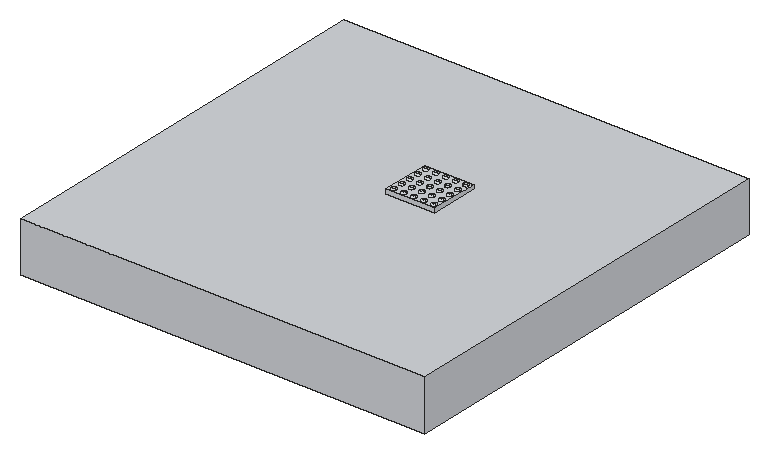
Revit family (continued)
Dimensions and locks (in)
  aligned and locked: curve 73 to cut or joined group 1 (Extrusion 3, Blend 4, Blend 5, Blend 6, Blend 7, Blend 8, Blend 9, Blend 10, Blend 11, Blend 12, Blend 13, Blend 14, Blend 15, Blend 16, Blend 17, Blend 18, Blend 19, Blend 20, Blend 21, Blend 22, Blend 23, Blend 24, Blend 25, Blend 26, Blend 27, Blend 28)
  aligned and locked: curve 74 to cut or joined group 1
  aligned and locked: curve 75 to cut or joined group 1
  aligned and locked: curve 76 to cut or joined group 1
  aligned and locked: curve 77 to cut or joined group 1
  aligned and locked: curve 78 to cut or joined group 1
  aligned and locked: curve 79 to cut or joined group 1
  aligned and locked: curve 80 to cut or joined group 1
  aligned and locked: curve 81 to cut or joined group 1
  aligned and locked: curve 82 to cut or joined group 1
  aligned and locked: curve 83 to cut or joined group 1
  aligned and locked: curve 84 to cut or joined group 1
  aligned and locked: curve 85 to cut or joined group 1
  aligned and locked: curve 86 to cut or joined group 1
  aligned and locked: curve 87 to cut or joined group 1
  aligned and locked: curve 88 to cut or joined group 1
  aligned and locked: curve 89 to cut or joined group 1
  aligned and locked: curve 90 to cut or joined group 1
  aligned and locked: curve 91 to cut or joined group 1
  aligned and locked: curve 92 to cut or joined group 1
  aligned and locked: curve 93 to cut or joined group 1
  aligned and locked: curve 94 to cut or joined group 1
  aligned and locked: curve 95 to cut or joined group 1
  aligned and locked: curve 96 to cut or joined group 1
  aligned and locked: curve 97 to cut or joined group 1
  aligned and locked: curve 98 to cut or joined group 1
  aligned and locked: curve 99 to cut or joined group 1
  aligned and locked: curve 100 to cut or joined group 1
  aligned and locked: curve 101 to cut or joined group 1
  aligned and locked: curve 102 to cut or joined group 1
  aligned and locked: curve 103 to cut or joined group 1
  aligned and locked: curve 104 to cut or joined group 1
  aligned and locked: curve 105 to cut or joined group 1
  aligned and locked: curve 106 to cut or joined group 1
  aligned and locked: curve 107 to cut or joined group 1
  aligned and locked: curve 108 to cut or joined group 1
  aligned and locked: curve 109 to cut or joined group 1
  aligned and locked: curve 110 to cut or joined group 1
Automatic sketch dimensions
  Extrusion 1 sketch curve to Extrusion 1 sketch curve = 8' - 0"  (x2)
  plane 1 "Center (Front/Back)" to Extrusion 2 sketch curve = 0' - 0"
  Extrusion 2 sketch curve to plane 3 "Center (Left/Right)" = 0' - 0"
  Extrusion 2 sketch curve to plane 11 "JointRightCenter" = 0' - 0"
  plane 19 "JointTopCenter" to Extrusion 2 sketch curve = 0' - 0"
  Extrusion 3 sketch curve to plane 4 "StoneLeft" = 0' - 0"
  Extrusion 3 sketch curve to plane 10 "StoneRight" = 0' - 0"
  Extrusion 3 sketch curve to plane 12 "StoneBottom" = 0' - 0"
  Extrusion 3 sketch curve to plane 18 "StoneTop" = 0' - 0"
  Blend 4 sketch curve to plane 5 "CenterofDomesLeftTwo" = 0' - 0"  (x2)
  plane 17 "CenterofDomesTopTwo" to Blend 4 sketch curve = 0' - 0"  (x2)
  Blend 5 sketch curve to plane 6 "CenterofDomesLeftOne" = 0' - 0"  (x2)
  plane 17 "CenterofDomesTopTwo" to Blend 5 sketch curve = 0' - 0"  (x2)
  Blend 6 sketch curve to plane 7 "CenterofDomesLeftRight" = 0' - 0"  (x2)
  plane 17 "CenterofDomesTopTwo" to Blend 6 sketch curve = 0' - 0"  (x2)
  Blend 7 sketch curve to plane 8 "CenterofDomesRightOne" = 0' - 0"  (x2)
  plane 17 "CenterofDomesTopTwo" to Blend 7 sketch curve = 0' - 0"  (x2)
  Blend 8 sketch curve to plane 9 "CenterofDomesRightTwo" = 0' - 0"  (x2)
  plane 17 "CenterofDomesTopTwo" to Blend 8 sketch curve = 0' - 0"  (x2)
  Blend 9 sketch curve to plane 9 "CenterofDomesRightTwo" = 0' - 0"  (x2)
  Blend 9 sketch curve to plane 16 "CenterofDomesTopOne" = 0' - 0"  (x2)
  Blend 10 sketch curve to plane 8 "CenterofDomesRightOne" = 0' - 0"  (x2)
  Blend 10 sketch curve to plane 16 "CenterofDomesTopOne" = 0' - 0"  (x2)
  Blend 11 sketch curve to plane 7 "CenterofDomesLeftRight" = 0' - 0"  (x2)
  Blend 11 sketch curve to plane 16 "CenterofDomesTopOne" = 0' - 0"  (x2)
  Blend 12 sketch curve to plane 6 "CenterofDomesLeftOne" = 0' - 0"  (x2)
  Blend 12 sketch curve to plane 16 "CenterofDomesTopOne" = 0' - 0"  (x2)
  Blend 13 sketch curve to plane 5 "CenterofDomesLeftTwo" = 0' - 0"  (x2)
  Blend 13 sketch curve to plane 16 "CenterofDomesTopOne" = 0' - 0"  (x2)
  Blend 14 sketch curve to plane 5 "CenterofDomesLeftTwo" = 0' - 0"  (x2)
  plane 15 "CenterofDomesTopBottom" to Blend 14 sketch curve = 0' - 0"  (x2)
  Blend 15 sketch curve to plane 6 "CenterofDomesLeftOne" = 0' - 0"  (x2)
  plane 15 "CenterofDomesTopBottom" to Blend 15 sketch curve = 0' - 0"  (x2)
  Blend 16 sketch curve to plane 7 "CenterofDomesLeftRight" = 0' - 0"  (x2)
  plane 15 "CenterofDomesTopBottom" to Blend 16 sketch curve = 0' - 0"  (x2)
  Blend 17 sketch curve to plane 8 "CenterofDomesRightOne" = 0' - 0"  (x2)
  plane 15 "CenterofDomesTopBottom" to Blend 17 sketch curve = 0' - 0"  (x2)
  Blend 18 sketch curve to plane 9 "CenterofDomesRightTwo" = 0' - 0"  (x2)
  plane 15 "CenterofDomesTopBottom" to Blend 18 sketch curve = 0' - 0"  (x2)
  Blend 19 sketch curve to plane 9 "CenterofDomesRightTwo" = 0' - 0"  (x2)
  Blend 19 sketch curve to plane 14 "CenterofDomesBottomOne" = 0' - 0"  (x2)
  Blend 20 sketch curve to plane 8 "CenterofDomesRightOne" = 0' - 0"  (x2)
  Blend 20 sketch curve to plane 14 "CenterofDomesBottomOne" = 0' - 0"  (x2)
  Blend 21 sketch curve to plane 7 "CenterofDomesLeftRight" = 0' - 0"  (x2)
  Blend 21 sketch curve to plane 14 "CenterofDomesBottomOne" = 0' - 0"  (x2)
  Blend 22 sketch curve to plane 6 "CenterofDomesLeftOne" = 0' - 0"  (x2)
  Blend 22 sketch curve to plane 14 "CenterofDomesBottomOne" = 0' - 0"  (x2)
  Blend 23 sketch curve to plane 5 "CenterofDomesLeftTwo" = 0' - 0"  (x2)
  Blend 23 sketch curve to plane 14 "CenterofDomesBottomOne" = 0' - 0"  (x2)
  Blend 24 sketch curve to plane 5 "CenterofDomesLeftTwo" = 0' - 0"  (x2)
  plane 13 "CenterofDomesBottomTwo" to Blend 24 sketch curve = 0' - 0"  (x2)
  Blend 25 sketch curve to plane 6 "CenterofDomesLeftOne" = 0' - 0"  (x2)
  plane 13 "CenterofDomesBottomTwo" to Blend 25 sketch curve = 0' - 0"  (x2)
  Blend 26 sketch curve to plane 7 "CenterofDomesLeftRight" = 0' - 0"  (x2)
  plane 13 "CenterofDomesBottomTwo" to Blend 26 sketch curve = 0' - 0"  (x2)
  Blend 27 sketch curve to plane 8 "CenterofDomesRightOne" = 0' - 0"  (x2)
  plane 13 "CenterofDomesBottomTwo" to Blend 27 sketch curve = 0' - 0"  (x2)
  Blend 28 sketch curve to plane 9 "CenterofDomesRightTwo" = 0' - 0"  (x2)
  plane 13 "CenterofDomesBottomTwo" to Blend 28 sketch curve = 0' - 0"  (x2)
  Masking region 1 sketch curve to plane 19 "JointTopCenter" = 0' - 0"
  plane 1 "Center (Front/Back)" to Masking region 1 sketch curve = 0' - 0"
  Masking region 1 sketch curve to plane 3 "Center (Left/Right)" = 0' - 0"
  plane 11 "JointRightCenter" to Masking region 1 sketch curve = 0' - 0"
  Masking region 2 sketch curve to plane 10 "StoneRight" = 0' - 0"
  Masking region 2 sketch curve to plane 18 "StoneTop" = 0' - 0"
  Masking region 2 sketch curve to plane 12 "StoneBottom" = 0' - 0"
  Masking region 2 sketch curve to plane 4 "StoneLeft" = 0' - 0"
  plane 10 "StoneRight" to Masking region 3 sketch curve = 0' - 0"
  Masking region 3 sketch curve to plane 4 "StoneLeft" = 0' - 0"
  plane 19 "JointTopCenter" to Masking region 3 sketch curve = 0' - 0 1/4"
  Masking region 3 sketch curve to plane 1 "Center (Front/Back)" = 0' - 0 1/4"
  Masking region 4 sketch curve to plane 11 "JointRightCenter" = 0' - 0"
  Masking region 4 sketch curve to level = 0' - 0"
  Masking region 4 sketch curve to plane 3 "Center (Left/Right)" = 0' - 0"
  Masking region 4 sketch curve to plane 22 "TopofDomes" = 0' - 0"
  plane 10 "StoneRight" to Masking region 5 sketch curve = 0' - 0"
  plane 4 "StoneLeft" to Masking region 5 sketch curve = 0' - 0"
  Masking region 5 sketch curve to plane 20 "StoneBack" = 0' - 0"
  Masking region 6 sketch curve to plane 19 "JointTopCenter" = 0' - 0"
  plane 1 "Center (Front/Back)" to Masking region 6 sketch curve = 0' - 0"
  Masking region 6 sketch curve to level = 0' - 0"
  plane 22 "TopofDomes" to Masking region 6 sketch curve = 0' - 0"
  Masking region 7 sketch curve to plane 18 "StoneTop" = 0' - 0"
  Masking region 7 sketch curve to plane 12 "StoneBottom" = 0' - 0"
  Masking region 7 sketch curve to plane 20 "StoneBack" = 0' - 0"
  radius of Blend 4 sketch curve = 0' - 0 5/8"
  radius of Blend 4 sketch curve = 0' - 0 11/32"
  radius of Blend 5 sketch curve = 0' - 0 5/8"
  radius of Blend 5 sketch curve = 0' - 0 11/32"
  radius of Blend 6 sketch curve = 0' - 0 5/8"
  radius of Blend 6 sketch curve = 0' - 0 11/32"
  radius of Blend 7 sketch curve = 0' - 0 5/8"
  radius of Blend 7 sketch curve = 0' - 0 11/32"
  radius of Blend 8 sketch curve = 0' - 0 5/8"
  radius of Blend 8 sketch curve = 0' - 0 11/32"
  radius of Blend 9 sketch curve = 0' - 0 5/8"
  radius of Blend 9 sketch curve = 0' - 0 11/32"
  radius of Blend 10 sketch curve = 0' - 0 5/8"
  radius of Blend 10 sketch curve = 0' - 0 11/32"
  radius of Blend 11 sketch curve = 0' - 0 5/8"
  radius of Blend 11 sketch curve = 0' - 0 11/32"
  radius of Blend 12 sketch curve = 0' - 0 5/8"
  radius of Blend 12 sketch curve = 0' - 0 11/32"
  radius of Blend 13 sketch curve = 0' - 0 5/8"
  radius of Blend 13 sketch curve = 0' - 0 11/32"
  radius of Blend 14 sketch curve = 0' - 0 5/8"
  radius of Blend 14 sketch curve = 0' - 0 11/32"
  radius of Blend 15 sketch curve = 0' - 0 5/8"
  radius of Blend 15 sketch curve = 0' - 0 11/32"
  radius of Blend 16 sketch curve = 0' - 0 5/8"
  radius of Blend 16 sketch curve = 0' - 0 11/32"
  radius of Blend 17 sketch curve = 0' - 0 5/8"
  radius of Blend 17 sketch curve = 0' - 0 11/32"
  radius of Blend 18 sketch curve = 0' - 0 5/8"
  radius of Blend 18 sketch curve = 0' - 0 11/32"
  radius of Blend 19 sketch curve = 0' - 0 5/8"
  radius of Blend 19 sketch curve = 0' - 0 11/32"
  radius of Blend 20 sketch curve = 0' - 0 5/8"
  radius of Blend 20 sketch curve = 0' - 0 11/32"
  radius of Blend 21 sketch curve = 0' - 0 5/8"
  radius of Blend 21 sketch curve = 0' - 0 11/32"
  radius of Blend 22 sketch curve = 0' - 0 5/8"
  radius of Blend 22 sketch curve = 0' - 0 11/32"
  radius of Blend 23 sketch curve = 0' - 0 5/8"
  radius of Blend 23 sketch curve = 0' - 0 11/32"
  radius of Blend 24 sketch curve = 0' - 0 5/8"
  radius of Blend 24 sketch curve = 0' - 0 11/32"
  radius of Blend 25 sketch curve = 0' - 0 5/8"
  radius of Blend 25 sketch curve = 0' - 0 11/32"
  radius of Blend 26 sketch curve = 0' - 0 5/8"
  radius of Blend 26 sketch curve = 0' - 0 11/32"
  radius of Blend 27 sketch curve = 0' - 0 5/8"
  radius of Blend 27 sketch curve = 0' - 0 11/32"
  radius of Blend 28 sketch curve = 0' - 0 5/8"
  radius of Blend 28 sketch curve = 0' - 0 11/32"
Nested families (in)
  nested 1: "CopyRight" at (0, 0, 0), type "CopyRight"
  nested 2: "CopyRight" at (22.03232, 8.59543, 0), type "CopyRight"
Definition of nested family "CopyRight"
  Parameters (values of type "CopyRight")
    CopyRight = "Cold Spring Granite Company"
  Reference planes (in)
    plane 1: z = 0
